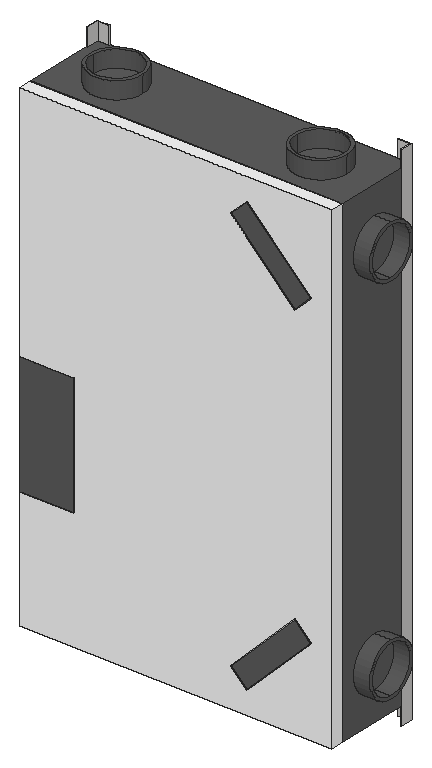
Revit family "result", category Mechanical Equipment, Revit 2022
Family settings
  Round Connector Dimension = Use Radius
  Part Type = Normal
  OmniClass Number = 23.75.00.00
  OmniClass Title = Climate Control (HVAC)
  Work Plane-Based = No
  Always vertical = Yes
  Cut with Voids When Loaded = No
  Maintain Annotation Orientation = No
  Shared = No
  Room Calculation Point = No
Parameters (values of type "-1-ALTAIR 120 V RE  - Heat Recovery Units")
  spRevision = ""
  spPosicion = ""
  spLineaProyectoURL = ""
  spDescripcionProductoEasyvent = ""
  spDescripcionComercialProducto = ""
  spConfiguracionProductoGenerico = ""
  WrappingMaterial = "0"
  WheelTipSpeed = "0"
  WaterConsumptionPerUnit = 0
  Unit = ""
  Throw Distance Medium Velocity = "0"
  Throw Distance Low Velocity = 0 mm
  Throw Distance High Velocity = 0 mm
  SpecialInstructions = ""
  ShaftPowerRate = 0 W
  ResourceDepletionPerUnit = 0
  RadioactiveWastePerUnit = 0
  RadioactiveWaste = 0
  PowerFactor = 0.00%
  PointOfContact = "0"
  OverallEfficiency = "0"
  OperationalCriteria = "0"
  OperationTemperatureRange = "0"
  NonHazardousWastePerUnit = 0
  NonHazardousWaste = 0
  NominalFrequencyRange = 0 Hz
  MotorDriveType = ""
  ModelLabel = "0"
  MeanTimeBetweenFailure = "0"
  MaterialHousing C = Plastic, Formed Black
  MaintenanceUnit = "0"
  MaintenanceTask = "0"
  MaintenanceSpecifications = "0"
  MaintenanceRegulation = "0"
  MaintenanceFrequency = "0"
  MaintenanceCost = 0
  MaintenanceCertificate = "0"
  LifeCyclePhase = "0"
  InertWastePerUnit = 0
  InertWaste = 0
  HazardousWastePerUnit = 0
  HazardousWaste = 0
  FunctionalUnitReference = ""
  FanPowerRate = 0 W
  FanMountingType = ""
  FanEfficiency = "0"
  ExpectedServiceLife = "0"
  Exclusions = "0"
  EfficiencyCurve = "0"
  DischargeVelocity = 0.0 m/s
  DischargeType = ""
  Default Elevation = 0 mm
  CapacityControlType = ""
  BatchReference = ""
  BIMElementVersion = "1.0"
  Uniclass2.0Titulo = ""
  Uniclass2.0Codigo = ""
  UNSPSCTitulo = "Fans"  # constant formula
  UNSPSCCodigo = "40101604"  # constant formula
  PackingCareType = "0"
  ContactTelephone = "0"
  DrivePowerLoss = 0 W
  PJ = 78 mm
  PII = 170 mm
  PH = 30 mm
  PG = 850 mm
  PCUT_INT2 = PD - 10 mm  # 84 mm
  OmniclassTitulo = "Fans"  # constant formula
  OmniclassCodigo = "23-33 31 19"  # constant formula
  SerialNumber = "0"
  NumeroArticuloGlobalComercial = ""
  AssemblyPlace = "0"
  ArticleNumber = "0"
  Support Bracket Material = Steel, Galvanized
  Material Conector Bornes = Plastic, Formed white
  MaterialHousing B = Steel, Galvanized painted black
  Material Carcasa = Steel, Galvanized painted white
  MasterformatTitulo = "Heating, Ventilating, and Air Conditioning (HVAC)"  # constant formula
  MasterformatCodigo = "23 00 00"  # constant formula
  IndiceFlujoNominal = 0.0 L/s
  IFCClassification = "Fans"  # constant formula
  IsExtendedWarranty = no
  PhotochemicalOzoneFormationPerUnit = 0
  PhotochemicalOzoneFormation = 0
  InstallationDate = "0"
  WarrantyStartDate = "0"
  WarrantyEndDate = "0"
  AssessmentDate = "0"
  BIMElementIssueDate = "2025-07-10"
  EutrophicationPerUnit = 0
  Eutrophication = 0
  RenewableEnergyConsumptionPerUnit = 0
  RenewableEnergyConsumption = 0
  TotalPrimaryEnergyConsumptionPerUnit = 0
  TotalPrimaryEnergyConsumption = 0
  NonRenewableEnergyConsumptionPerUnit = 0
  NonRenewableEnergyConsumption = 0
  ServiceLifeDuration = "0"
  Dimension 2 = if(PB > 799 mm, 1 = 1, 1 = 0)  # no
  Dimension 1 = if(PB < 800 mm, 1 = 1, 1 = 0)  # yes
  StratosphericOzoneLayerDestructionPerUnit = 0
  StratosphericOzoneLayerDestruction = 0
  AssessmentDescription = "0"
  WarrantyContent = "0"
  AssessmentCondition = "0"
  BarCode = ""
  ClimateChangePerUnit = 0
  ClimateChange = 0
  COBieCategory = "0"
  ProductionYear = "0"
  spTamañoVentilador = 0 mm
  spReferencia = ""
  spPresionSonoraRadiado = ""
  spPresionSonoraDescarga = ""
  spPresionSonoraAspiracion = ""
  spPotenciaUtil_Solucion = 0 W
  spPotenciaSonoraRadiado = ""
  spPotenciaSonoraDescarga = ""
  spPotenciaSonoraAspiracion = ""
  spPotenciaEspecifico_Solucion = ""
  spPotenciaElectrica_Solucion = 0 W
  spNombreProyecto = ""
  spIntensidadMaximaAbsorbida = 0 A
  spIdProyecto = ""
  spDistanciaSonora = ""
  spDO1 = PD  # 94 mm
  spDI1 = PD  # 94 mm
  spCodigoProductoEasyvent = ""
  spCodigoComercialProducto = ""
  spClaseMotor = ""
  spCantidadTotalProducto = ""
  spCantidadProducto = ""
  FanRotationSpeed = ""
  VelocidadRotacionNominal = ""
  URLProducto = ""
  URL = "https://www.solerpalau.com/"
  HasProtectiveEarth = yes
  TensionNominal = 0 V
  ContactReference = ""
  Reference = ""
  Connector Radius 2 = spDO1 / 2  # 47 mm
  Connector Radius 1 = spDI1 / 2  # 47 mm
  PresionTotalNominal = 0.0 Pa
  PresionEstaticaNominal = 0.0 Pa
  PresionDinamica = 0.0 Pa
  MotorPosition = ""
  CoilPosition = ""
  PesoBruto = 0.00 kg
  DischargePressureLoss = 0.0 Pa
  PF = 660 mm
  PE = 30 mm
  PD = 94 mm
  PCUT_INT = PD - 10 mm  # 84 mm
  PC = 550 mm
  PB = 360 mm
  PA = 77 mm
  NumeroPolos = 1
  Model = "0"
  Arrangement = "0"
  ContainerMaterial = "0"
  IndicePotenciaNominal = 0 W
  Type Image = <None>
  ConductorFunction = "0"
  BIMElementExpiryDate = "0"
  ResourceDepletion = 0
  Manufacturer = "ELEKTRODESIGN VENTILATORY, SPOL.S.R.O."
  ContactEmail = "0"
  DirectionOfRotation = "0"
  DischargePosition = "0"
  DiametroImpulsor = 0 mm
  Description = "Mechanical Ventilation Heat Recovery Unit with a high-efficiency heat exchanger to provide a constant supply of fresh tempered air into the living spaces.The incorporated intelligent humidity tracking control as standard, constantly monitor the humidity level, meaning no user intervention required.As humidity rises and falls, the motor speed adjusts in direct correlation.This controls IAQ quietly and efficiently, reducing the periods of time when the system operates on maximum speed, saving energy.Our constant flow technology delivers the required airflow at all times. The ultra compact design allows installation of the unit vertically on the wall.ALTAIR is equipped with high efficieny G4 filters for supply and extract.The included remote controller, allows the user to select the working mode of the unit (manual or automatic) and indicates when the filter needs replacing.It is advisable to use LAF silencers (accessory not included):&nbsp;LAF 95 for the ALTAIR-120 model.The ALTAIR unit can communicate with the home automation system via Modbus or other gateway protocols.By means of the SPCM Lite M communications board, the ALTAIR unit communicates with the CONNECTAIR platform, which allows it to be remotely controlled.Features- Counterflow heat exchanger with efficiency up to 88%.- Low consumption EC motor.- Centrifugal fans with forward bladed impeller.- Modbus connection.- EPP body.- 4 inlets Ø100 mm (ALTAIR 120).- Delivery filter:&nbsp;G4 (ISO coarse 65%).&nbsp;Optional M5 (ISO ePM10 50%).&nbsp;Extraction filter G4 (ISO coarse 65%)."
  SoundCurve = "0"
  PressureCurve = "0"
  CorrienteNominal = 0 A
  Type Comments = ""
  Codigo_IP = ""
  InsulationStandardClass = "0"
  Autor = "Bimetica Parametric Design Services, S.L."  # constant formula
  AplicacionDeVentilador = ""
  WaterConsumption = 0
  AtmosphericAcidificationPerUnit = 0
  AtmosphericAcidification = 0
  AcquisitionDate = "0"
Reference planes
  plane 1 "Centro (Frontal/Posterior)": y = 0
  plane 2: z = 0
  plane 3 "Centro (Izquierda/Derecha)": x = 0
  plane 4 "Ventilador": z = 455
  plane 5: z = 30
  plane 6: z = 880
  plane 7: z = 785
  plane 8: z = 125
  plane 9: z = 910
  plane 10: x = 275
  plane 11: x = -275
  plane 12: x = 180
  plane 13: x = -180
  plane 14: x = 305
  plane 15: x = -305
  plane 16: y = -170
  plane 17: y = -77
  plane 18: y = -78
  plane 19: y = -30
  plane 20: y = -124
Forms (mm)
  Extrusion 1, solid, material "Steel, Galvanized painted white" <- "Material Carcasa"
    sketch origin (0, 0, 455) x (1, 0, 0) y (0, 1, 0)
      loop
        line (-275, -170) -> (275, -170) -> (275, -147) -> (-275, -147) -> (-275, -170)
    from -425 to 425
  Extrusion 2, solid, material "Steel, Galvanized painted black" <- "MaterialHousing B"
    sketch origin (0, 0, 455) x (1, 0, 0) y (0, 1, 0)
      loop
        line (-275, -147) -> (275, -147) -> (275, 0) -> (-275, 0) -> (-275, -147)
    from -425 to 425
  Extrusion 3, solid, material "Plastic, Formed Black" <- "MaterialHousing C"
    sketch origin (0, 0, 455) x (1, 0, 0) y (0, 1, 0)
      loop
        circle (-180, -77) r 47
      loop
        circle (-180, -77) r 42
      loop
        circle (180, -77) r 47
      loop
        circle (180, -77) r 42
    from 425 to 455
  Extrusion 4, solid, material "Plastic, Formed Black" <- "MaterialHousing C"
    sketch origin (0, 0, 455) x (1, 0, 0) y (0, 1, 0)
      loop
        circle (-180, -77) r 47
      loop
        circle (-180, -77) r 42
      loop
        circle (180, -77) r 47
      loop
        circle (180, -77) r 42
    from -455 to -425
  Extrusion 5, solid, material "Plastic, Formed Black" <- "MaterialHousing C"
    sketch origin (0, 0, 164) x (0, 0, 1) y (0, -1, 0)
      loop
        circle (621, 78) r 47
      loop
        circle (621, 78) r 42
      loop
        circle (-39, 78) r 47
      loop
        circle (-39, 78) r 42
    from -305 to -275
  Extrusion 6, solid, material "Plastic, Formed Black" <- "MaterialHousing C"
    sketch origin (0, 0, 164) x (0, 0, 1) y (0, 1, 0)
      loop
        circle (621, -78) r 47
      loop
        circle (621, -78) r 42
      loop
        circle (-39, -78) r 47
      loop
        circle (-39, -78) r 42
    from -305 to -275
  Extrusion 7, void
    sketch origin (0, 0, 164) x (0, 0, 1) y (-1, 0, 0)
      loop
        line (291, 275) -> (78.5, 275) -> (78.5, 180) -> (291, 180) -> (291, 275)
      loop
        line (648.246, -96.185) -> (535.109, -209.322) -> (563.393, -237.607) -> (676.53, -124.47) -> (648.246, -96.185)
      loop
        line (18.607, -237.607) -> (46.891, -209.322) -> (-66.246, -96.185) -> (-94.53, -124.47) -> (18.607, -237.607)
    from 124 to 170
  Extrusion 8, solid, material "Steel, Galvanized painted black" <- "MaterialHousing B"
    sketch origin (0, 0, 164) x (0, 0, 1) y (-1, 0, 0)
      loop
        line (291, 275) -> (78.5, 275) -> (78.5, 180) -> (291, 180) -> (291, 275)
      loop
        line (676.53, -124.47) -> (648.246, -96.185) -> (535.109, -209.322) -> (563.393, -237.607) -> (676.53, -124.47)
      loop
        line (-94.53, -124.47) -> (18.607, -237.607) -> (46.891, -209.322) -> (-66.246, -96.185) -> (-94.53, -124.47)
    from 124 to 170
  Extrusion 9, solid, material "Steel, Galvanized" <- "Support Bracket Material"
    sketch origin (0, 0, 455) x (1, 0, 0) y (0, 1, 0)
      loop
        line (-275, -20) -> (-275, 0) -> (-255, 0) -> (-255, 1.96) -> (-277, 1.96) -> (-277, -20) -> (-275, -20)
      loop
        line (275, -20) -> (277, -20) -> (277, 1.96) -> (255, 1.96) -> (255, 0) -> (275, 0) -> (275, -20)
    from -455 to 455
  Extrusion 10, void
    sketch origin (0, 0, 164) x (0, 0, 1) y (0, -1, 0)
      loop
        circle (238.433, 147) r 15
      loop
        circle (133.433, 147) r 15
      loop
        circle (185.933, 147) r 15
    from -275 to -180
  Extrusion 11, solid, material "Plastic, Formed white" <- "Material Conector Bornes"
    sketch origin (0, 0, 164) x (0, 0, 1) y (0, -1, 0)
      loop
        circle (238.433, 147) r 15
      loop
        circle (133.433, 147) r 15
      loop
        circle (185.933, 147) r 15
    from -275 to -180
Cuts and joins
  Extrusion 7, Extrusion 10 cuts Extrusion 1
  Extrusion 7, Extrusion 10 cuts Extrusion 2
  Extrusion 10 cuts Extrusion 8
Dimensions and locks
  "PH": plane 5 to plane 2
  equal spacing: plane 6, plane 4 "Ventilador", plane 5
  "PG": plane 6 to plane 5
  equal spacing: plane 7, plane 4 "Ventilador", plane 8
  "PF": plane 7 to plane 8
  "PH": plane 9 to plane 6
  equal spacing: plane 10, plane 3 "Centro (Izquierda/Derecha)", plane 11
  "PC": plane 11 to plane 10
  equal spacing: plane 12, plane 3 "Centro (Izquierda/Derecha)", plane 13
  "PB": plane 13 to plane 12
  "PE": plane 14 to plane 10
  "PE": plane 15 to plane 11
  "PII": plane 16 to plane 1 "Centro (Frontal/Posterior)"
  "PA": plane 17 to plane 1 "Centro (Frontal/Posterior)"
  "PJ": plane 18 to plane 1 "Centro (Frontal/Posterior)"
  equal spacing: plane 20, plane 17, plane 19
  "PD": plane 20 to plane 19
  equal spacing: plane 16, Extrusion 1 sketch curve, plane 20
  equal spacing: plane 4 "Ventilador", Extrusion 7 sketch curve, plane 5
  Extrusion 8 sketch curve to Extrusion 8 sketch curve to plane 7 to Extrusion 8 sketch curve to Extrusion 8 sketch curve = 28.284 mm locked, 27.246 mm locked, 57.607 mm locked, 28.284 mm locked
  Extrusion 8 sketch curve to Extrusion 8 sketch curve to plane 12 to Extrusion 8 sketch curve to Extrusion 8 sketch curve = 28.284 mm locked, 29.322 mm locked, 55.53 mm locked, 28.284 mm locked  (x2)
  Extrusion 8 sketch curve to Extrusion 8 sketch curve to plane 8 to Extrusion 8 sketch curve to Extrusion 8 sketch curve = 28.284 mm locked, 27.246 mm locked, 57.607 mm locked, 28.284 mm locked
  Extrusion 9 sketch curve to plane 11 to Extrusion 9 sketch curve = 2 mm locked, 20 mm locked
  Extrusion 9 sketch curve to plane 1 "Centro (Frontal/Posterior)" to Extrusion 9 sketch curve = 20 mm locked, 1.96 mm locked  (x2)
  Extrusion 9 sketch curve to plane 10 to Extrusion 9 sketch curve = 20 mm locked, 2 mm locked
  locked: plane 4 "Ventilador" to Extrusion 10 sketch curve at 52.567
  locked: Extrusion 8 to Extrusion 10 sketch curve at 54.933
  locked: Extrusion 10 sketch curve to plane 16 at 23  (x3)
  equal spacing: Extrusion 10 sketch curve, Extrusion 10 sketch curve, Extrusion 10 sketch curve
  "spDI1": diameter of Extrusion 3 sketch curve
  "PCUT_INT": diameter of Extrusion 3 sketch curve
  "spDO1": diameter of Extrusion 3 sketch curve
  "PCUT_INT2": diameter of Extrusion 3 sketch curve
  "spDO1": diameter of Extrusion 4 sketch curve
  "PCUT_INT2": diameter of Extrusion 4 sketch curve
  "spDI1": diameter of Extrusion 4 sketch curve
  "PCUT_INT": diameter of Extrusion 4 sketch curve
  "spDO1": diameter of Extrusion 5 sketch curve
  "PCUT_INT2": diameter of Extrusion 5 sketch curve
  "spDI1": diameter of Extrusion 5 sketch curve
  "PCUT_INT": diameter of Extrusion 5 sketch curve
  "spDI1": diameter of Extrusion 6 sketch curve
  "PCUT_INT": diameter of Extrusion 6 sketch curve
  "spDO1": diameter of Extrusion 6 sketch curve
  "PCUT_INT2": diameter of Extrusion 6 sketch curve
  aligned and locked: level to plane 2
  aligned and locked: plane 11 to Extrusion 1 sketch curve
  aligned and locked: plane 16 to Extrusion 1 sketch curve
  aligned and locked: plane 10 to Extrusion 1 sketch curve
  aligned and locked: plane 6 to Extrusion 1
  aligned and locked: Extrusion 1 to plane 5
  aligned and locked: Extrusion 2 sketch curve to Extrusion 1  (x2)
  aligned and locked: Extrusion 2 sketch curve to plane 1 "Centro (Frontal/Posterior)"
  aligned and locked: plane 10 to Extrusion 2 sketch curve
  aligned and locked: plane 6 to Extrusion 2
  aligned and locked: Extrusion 2 to plane 5
  aligned and locked: plane 13 to Extrusion 3 sketch curve  (x2)
  aligned and locked: plane 17 to Extrusion 3 sketch curve  (x3)
  aligned and locked: plane 12 to Extrusion 3 sketch curve
  aligned and locked: plane 9 to Extrusion 3
  aligned and locked: Extrusion 3 to plane 6
  aligned and locked: plane 13 to Extrusion 4 sketch curve
  aligned and locked: plane 17 to Extrusion 4 sketch curve  (x2)
  aligned and locked: plane 12 to Extrusion 4 sketch curve
  aligned and locked: plane 5 to Extrusion 4
  aligned and locked: Extrusion 4 to plane 2
  aligned and locked: plane 7 to Extrusion 5 sketch curve
  aligned and locked: plane 18 to Extrusion 5 sketch curve  (x2)
  aligned and locked: plane 8 to Extrusion 5 sketch curve
  aligned and locked: Extrusion 5 to plane 11
  aligned and locked: plane 15 to Extrusion 5
  aligned and locked: plane 14 to Extrusion 6
  aligned and locked: Extrusion 6 to plane 10
  aligned and locked: Extrusion 7 sketch curve to plane 4 "Ventilador"
  aligned and locked: plane 13 to Extrusion 7 sketch curve
  aligned and locked: Extrusion 7 sketch curve to plane 11
  aligned and locked: plane 20 to Extrusion 7
  aligned and locked: plane 16 to Extrusion 7
  aligned and locked: plane 20 to Extrusion 8
  aligned and locked: plane 16 to Extrusion 8
  aligned and locked: Extrusion 7 sketch curve to Extrusion 8  (x8)
  aligned and locked: Extrusion 9 sketch curve to plane 11
  aligned and locked: plane 1 "Centro (Frontal/Posterior)" to Extrusion 9 sketch curve
  aligned and locked: plane 9 to Extrusion 9
  aligned and locked: Extrusion 9 to plane 2
  aligned and locked: Extrusion 7 to Extrusion 10
  aligned and locked: plane 11 to Extrusion 10
  aligned and locked: Extrusion 11 sketch curve to cut or joined group of Extrusion 8, Extrusion 10  (x6)
  aligned and locked: plane 11 to Extrusion 11
  aligned and locked: Extrusion 11 to plane 13
Automatic sketch dimensions
  plane 13 to Extrusion 8 sketch curve = 0 mm
  plane 11 to Extrusion 8 sketch curve = 0 mm
  Extrusion 8 sketch curve to plane 4 "Ventilador" = 0 mm
  Extrusion 8 sketch curve to plane 8 = 117.5 mm
  plane 1 "Centro (Frontal/Posterior)" to Extrusion 9 sketch curve = 0 mm
  Extrusion 9 sketch curve to plane 10 = 0 mm
  Extrusion 3 sketch curve to Extrusion 3 sketch curve = 0 mm  (x2)
  Extrusion 4 sketch curve to Extrusion 4 sketch curve = 0 mm  (x4)
  Extrusion 5 sketch curve to Extrusion 5 sketch curve = 0 mm  (x4)
  Extrusion 6 sketch curve to Extrusion 6 sketch curve = 0 mm  (x4)
  plane 8 to Extrusion 6 sketch curve = 0 mm
  Extrusion 6 sketch curve to plane 7 = 0 mm
  Extrusion 6 sketch curve to plane 18 = 0 mm  (x2)
  radius of Extrusion 10 sketch curve = 15 mm  (x3)
Connectors
  hvac at (-180, -77, 910), driven by "IndiceFlujoNominal", driven by "Connector Radius 1"
    settings: on Extrusion 3, index 1, duct flow 0.0 L/s, flow factor 0, pres drop 0.0 Pa, loss coef 0, conn angle 0.00°, conn width 304.8 mm, conn height 304.8 mm, conn diameter 94 mm, duct sys type 1, conn prof type 0, flow config 0, flow direction 2, loss method 0, conn ref index -1, conn util no, is conn primary yes, conn desc "PDI1"
  hvac at (180, -77, 910), driven by "IndiceFlujoNominal", driven by "Connector Radius 1"
    settings: on Extrusion 3, index 2, duct flow 0.0 L/s, flow factor 0, pres drop 0.0 Pa, loss coef 0, conn angle 0.00°, conn width 304.8 mm, conn height 304.8 mm, conn diameter 94 mm, duct sys type 1, conn prof type 0, flow config 0, flow direction 2, loss method 0, conn ref index -1, conn util no, is conn primary no, conn desc "PDO1"
  hvac at (-305, -78, 785), driven by "IndiceFlujoNominal", driven by "Connector Radius 2"
    settings: on Extrusion 5, index 3, duct flow 0.0 L/s, flow factor 0, pres drop 0.0 Pa, loss coef 0, conn angle 0.00°, conn width 304.8 mm, conn height 304.8 mm, conn diameter 94 mm, duct sys type 1, conn prof type 0, flow config 0, flow direction 1, loss method 0, conn ref index -1, conn util no, is conn primary no, conn desc "PDO1"
  hvac at (-305, -78, 125), driven by "IndiceFlujoNominal", driven by "Connector Radius 2"
    settings: on Extrusion 5, index 4, duct flow 0.0 L/s, flow factor 0, pres drop 0.0 Pa, loss coef 0, conn angle 0.00°, conn width 304.8 mm, conn height 304.8 mm, conn diameter 94 mm, duct sys type 1, conn prof type 0, flow config 0, flow direction 1, loss method 0, conn ref index -1, conn util no, is conn primary no, conn desc "PDI1"
  hvac at (-180, -77, 0), driven by "Connector Radius 2"
    settings: on Extrusion 4, index 5, duct flow 0.0 L/s, flow factor 0, pres drop 0.0 Pa, loss coef 0, conn angle 0.00°, conn width 304.8 mm, conn height 304.8 mm, conn diameter 94 mm, duct sys type 1, conn prof type 0, flow config 0, flow direction 1, loss method 0, conn ref index -1, conn util no, is conn primary no, conn desc "PDO1"
  hvac at (180, -77, 0), driven by "IndiceFlujoNominal", driven by "Connector Radius 2"
    settings: on Extrusion 4, index 6, duct flow 0.0 L/s, flow factor 0, pres drop 0.0 Pa, loss coef 0, conn angle 0.00°, conn width 304.8 mm, conn height 304.8 mm, conn diameter 94 mm, duct sys type 1, conn prof type 0, flow config 0, flow direction 1, loss method 0, conn ref index -1, conn util no, is conn primary no, conn desc "PDI1"
  hvac at (305, -78, 785), driven by "IndiceFlujoNominal", driven by "Connector Radius 1"
    settings: on Extrusion 6, index 7, duct flow 0.0 L/s, flow factor 0, pres drop 0.0 Pa, loss coef 0, conn angle 0.00°, conn width 304.8 mm, conn height 304.8 mm, conn diameter 94 mm, duct sys type 1, conn prof type 0, flow config 0, flow direction 2, loss method 0, conn ref index -1, conn util no, is conn primary no, conn desc "PDI1"
  hvac at (305, -78, 125), driven by "IndiceFlujoNominal", driven by "Connector Radius 1"
    settings: on Extrusion 6, index 8, duct flow 0.0 L/s, flow factor 0, pres drop 0.0 Pa, loss coef 0, conn angle 0.00°, conn width 304.8 mm, conn height 304.8 mm, conn diameter 94 mm, duct sys type 1, conn prof type 0, flow config 0, flow direction 2, loss method 0, conn ref index -1, conn util no, is conn primary no, conn desc "PDO1"
  electrical at (-275, -147, 402.433), driven by "NumeroPolos", driven by "TensionNominal", driven by "IndicePotenciaNominal"
    settings: on cut or joined group of Extrusion 8, Extrusion 10, index 9, voltage 0 V, apparent load 0 VA, apparent load phase1 0 VA, apparent load phase2 0 VA, apparent load phase3 0 VA, power factor 1, load classification "Climatización", number of poles 1, system type 30, power factor state 1, is connector primary yes, connector utility no, sub classification motor no, connector description "Electric Connector"
